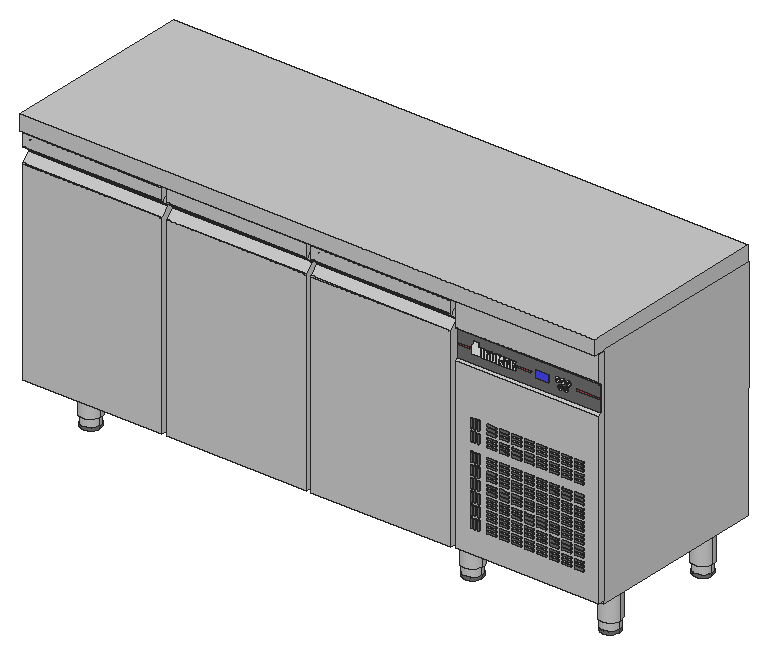
Revit family "QF_INOMAK_PMRP999_250528101708", category Specialty Equipment, Revit 2021 (continued)
Definition of nested family "QF_INOMAK_REF_COUNTERS_1790_2920"
  Definition of nested family "QF_INOMAK_CONRTOL-PANEL"
    Forms (mm)
      Extrusion 1, solid
        sketch origin (-2240, -700, 0) x (-1, 0, 0) y (0, 0, 1)
          loop
            arc (-1957.4, 221.855) -> (-1960.4, 218.855) -> (-1957.4, 215.855) r 3
            line (-1957.4, 215.855) -> (-1933.4, 215.855)
            arc (-1933.4, 215.855) -> (-1930.4, 218.855) -> (-1933.4, 221.855) r 3
            line (-1933.4, 221.855) -> (-1957.4, 221.855)
          loop
            arc (-1918.4, 221.855) -> (-1921.4, 218.855) -> (-1918.4, 215.855) r 3
            line (-1918.4, 215.855) -> (-1894.4, 215.855)
            arc (-1894.4, 215.855) -> (-1891.4, 218.855) -> (-1894.4, 221.855) r 3
            line (-1894.4, 221.855) -> (-1918.4, 221.855)
          loop
            arc (-2191.4, 210.855) -> (-2194.4, 207.855) -> (-2191.4, 204.855) r 3
            line (-2191.4, 204.855) -> (-2167.4, 204.855)
            arc (-2167.4, 204.855) -> (-2164.4, 207.855) -> (-2167.4, 210.855) r 3
            line (-2167.4, 210.855) -> (-2191.4, 210.855)
          loop
            arc (-2152.4, 210.855) -> (-2155.4, 207.855) -> (-2152.4, 204.855) r 3
            line (-2152.4, 204.855) -> (-2128.4, 204.855)
            arc (-2128.4, 204.855) -> (-2125.4, 207.855) -> (-2128.4, 210.855) r 3
            line (-2128.4, 210.855) -> (-2152.4, 210.855)
          loop
            arc (-2113.4, 210.855) -> (-2116.4, 207.855) -> (-2113.4, 204.855) r 3
            line (-2113.4, 204.855) -> (-2089.4, 204.855)
            arc (-2089.4, 204.855) -> (-2086.4, 207.855) -> (-2089.4, 210.855) r 3
            line (-2089.4, 210.855) -> (-2113.4, 210.855)
          loop
            arc (-2074.4, 210.855) -> (-2077.4, 207.855) -> (-2074.4, 204.855) r 3
            line (-2074.4, 204.855) -> (-2050.4, 204.855)
            arc (-2050.4, 204.855) -> (-2047.4, 207.855) -> (-2050.4, 210.855) r 3
            line (-2050.4, 210.855) -> (-2074.4, 210.855)
          loop
            arc (-2035.4, 210.855) -> (-2038.4, 207.855) -> (-2035.4, 204.855) r 3
            line (-2035.4, 204.855) -> (-2011.4, 204.855)
            arc (-2011.4, 204.855) -> (-2008.4, 207.855) -> (-2011.4, 210.855) r 3
            line (-2011.4, 210.855) -> (-2035.4, 210.855)
          loop
            arc (-1996.4, 210.855) -> (-1999.4, 207.855) -> (-1996.4, 204.855) r 3
            line (-1996.4, 204.855) -> (-1972.4, 204.855)
            arc (-1972.4, 204.855) -> (-1969.4, 207.855) -> (-1972.4, 210.855) r 3
            line (-1972.4, 210.855) -> (-1996.4, 210.855)
          loop
            arc (-1957.4, 210.855) -> (-1960.4, 207.855) -> (-1957.4, 204.855) r 3
            line (-1957.4, 204.855) -> (-1933.4, 204.855)
            arc (-1933.4, 204.855) -> (-1930.4, 207.855) -> (-1933.4, 210.855) r 3
            line (-1933.4, 210.855) -> (-1957.4, 210.855)
          loop
            arc (-1918.4, 210.855) -> (-1921.4, 207.855) -> (-1918.4, 204.855) r 3
            line (-1918.4, 204.855) -> (-1894.4, 204.855)
            arc (-1894.4, 204.855) -> (-1891.4, 207.855) -> (-1894.4, 210.855) r 3
            line (-1894.4, 210.855) -> (-1918.4, 210.855)
          loop
            arc (-2191.4, 199.855) -> (-2194.4, 196.855) -> (-2191.4, 193.855) r 3
            line (-2191.4, 193.855) -> (-2167.4, 193.855)
            arc (-2167.4, 193.855) -> (-2164.4, 196.855) -> (-2167.4, 199.855) r 3
            line (-2167.4, 199.855) -> (-2191.4, 199.855)
          loop
            arc (-2152.4, 199.855) -> (-2155.4, 196.855) -> (-2152.4, 193.855) r 3
            line (-2152.4, 193.855) -> (-2128.4, 193.855)
            arc (-2128.4, 193.855) -> (-2125.4, 196.855) -> (-2128.4, 199.855) r 3
            line (-2128.4, 199.855) -> (-2152.4, 199.855)
          loop
            arc (-2113.4, 199.855) -> (-2116.4, 196.855) -> (-2113.4, 193.855) r 3
            line (-2113.4, 193.855) -> (-2089.4, 193.855)
            arc (-2089.4, 193.855) -> (-2086.4, 196.855) -> (-2089.4, 199.855) r 3
            line (-2089.4, 199.855) -> (-2113.4, 199.855)
          loop
            arc (-2074.4, 199.855) -> (-2077.4, 196.855) -> (-2074.4, 193.855) r 3
            line (-2074.4, 193.855) -> (-2050.4, 193.855)
            arc (-2050.4, 193.855) -> (-2047.4, 196.855) -> (-2050.4, 199.855) r 3
            line (-2050.4, 199.855) -> (-2074.4, 199.855)
          loop
            arc (-2035.4, 199.855) -> (-2038.4, 196.855) -> (-2035.4, 193.855) r 3
            line (-2035.4, 193.855) -> (-2011.4, 193.855)
            arc (-2011.4, 193.855) -> (-2008.4, 196.855) -> (-2011.4, 199.855) r 3
            line (-2011.4, 199.855) -> (-2035.4, 199.855)
          loop
            arc (-1996.4, 199.855) -> (-1999.4, 196.855) -> (-1996.4, 193.855) r 3
            line (-1996.4, 193.855) -> (-1972.4, 193.855)
            arc (-1972.4, 193.855) -> (-1969.4, 196.855) -> (-1972.4, 199.855) r 3
            line (-1972.4, 199.855) -> (-1996.4, 199.855)
          loop
            arc (-1957.4, 199.855) -> (-1960.4, 196.855) -> (-1957.4, 193.855) r 3
            line (-1957.4, 193.855) -> (-1933.4, 193.855)
            arc (-1933.4, 193.855) -> (-1930.4, 196.855) -> (-1933.4, 199.855) r 3
            line (-1933.4, 199.855) -> (-1957.4, 199.855)
          loop
            arc (-1918.4, 199.855) -> (-1921.4, 196.855) -> (-1918.4, 193.855) r 3
            line (-1918.4, 193.855) -> (-1894.4, 193.855)
            arc (-1894.4, 193.855) -> (-1891.4, 196.855) -> (-1894.4, 199.855) r 3
            line (-1894.4, 199.855) -> (-1918.4, 199.855)
          loop
            arc (-2191.4, 184.855) -> (-2194.4, 181.855) -> (-2191.4, 178.855) r 3
            line (-2191.4, 178.855) -> (-2167.4, 178.855)
            arc (-2167.4, 178.855) -> (-2164.4, 181.855) -> (-2167.4, 184.855) r 3
            line (-2167.4, 184.855) -> (-2191.4, 184.855)
          loop
            arc (-2152.4, 184.855) -> (-2155.4, 181.855) -> (-2152.4, 178.855) r 3
            line (-2152.4, 178.855) -> (-2128.4, 178.855)
            arc (-2128.4, 178.855) -> (-2125.4, 181.855) -> (-2128.4, 184.855) r 3
            line (-2128.4, 184.855) -> (-2152.4, 184.855)
          loop
            arc (-2113.4, 184.855) -> (-2116.4, 181.855) -> (-2113.4, 178.855) r 3
            line (-2113.4, 178.855) -> (-2089.4, 178.855)
            arc (-2089.4, 178.855) -> (-2086.4, 181.855) -> (-2089.4, 184.855) r 3
            line (-2089.4, 184.855) -> (-2113.4, 184.855)
          loop
            arc (-2074.4, 184.855) -> (-2077.4, 181.855) -> (-2074.4, 178.855) r 3
            line (-2074.4, 178.855) -> (-2050.4, 178.855)
            arc (-2050.4, 178.855) -> (-2047.4, 181.855) -> (-2050.4, 184.855) r 3
            line (-2050.4, 184.855) -> (-2074.4, 184.855)
          loop
            arc (-2035.4, 184.855) -> (-2038.4, 181.855) -> (-2035.4, 178.855) r 3
            line (-2035.4, 178.855) -> (-2011.4, 178.855)
            arc (-2011.4, 178.855) -> (-2008.4, 181.855) -> (-2011.4, 184.855) r 3
            line (-2011.4, 184.855) -> (-2035.4, 184.855)
          loop
            arc (-1996.4, 184.855) -> (-1999.4, 181.855) -> (-1996.4, 178.855) r 3
            line (-1996.4, 178.855) -> (-1972.4, 178.855)
            arc (-1972.4, 178.855) -> (-1969.4, 181.855) -> (-1972.4, 184.855) r 3
            line (-1972.4, 184.855) -> (-1996.4, 184.855)
          loop
            arc (-1957.4, 184.855) -> (-1960.4, 181.855) -> (-1957.4, 178.855) r 3
            line (-1957.4, 178.855) -> (-1933.4, 178.855)
            arc (-1933.4, 178.855) -> (-1930.4, 181.855) -> (-1933.4, 184.855) r 3
            line (-1933.4, 184.855) -> (-1957.4, 184.855)
          loop
            arc (-1918.4, 184.855) -> (-1921.4, 181.855) -> (-1918.4, 178.855) r 3
            line (-1918.4, 178.855) -> (-1894.4, 178.855)
            arc (-1894.4, 178.855) -> (-1891.4, 181.855) -> (-1894.4, 184.855) r 3
            line (-1894.4, 184.855) -> (-1918.4, 184.855)
          loop
            arc (-2191.4, 173.855) -> (-2194.4, 170.855) -> (-2191.4, 167.855) r 3
            line (-2191.4, 167.855) -> (-2167.4, 167.855)
            arc (-2167.4, 167.855) -> (-2164.4, 170.855) -> (-2167.4, 173.855) r 3
            line (-2167.4, 173.855) -> (-2191.4, 173.855)
          loop
            arc (-2152.4, 173.855) -> (-2155.4, 170.855) -> (-2152.4, 167.855) r 3
            line (-2152.4, 167.855) -> (-2128.4, 167.855)
            arc (-2128.4, 167.855) -> (-2125.4, 170.855) -> (-2128.4, 173.855) r 3
            line (-2128.4, 173.855) -> (-2152.4, 173.855)
          loop
            arc (-2113.4, 173.855) -> (-2116.4, 170.855) -> (-2113.4, 167.855) r 3
            line (-2113.4, 167.855) -> (-2089.4, 167.855)
            arc (-2089.4, 167.855) -> (-2086.4, 170.855) -> (-2089.4, 173.855) r 3
            line (-2089.4, 173.855) -> (-2113.4, 173.855)
          loop
            arc (-2074.4, 173.855) -> (-2077.4, 170.855) -> (-2074.4, 167.855) r 3
            line (-2074.4, 167.855) -> (-2050.4, 167.855)
            arc (-2050.4, 167.855) -> (-2047.4, 170.855) -> (-2050.4, 173.855) r 3
            line (-2050.4, 173.855) -> (-2074.4, 173.855)
          loop
            arc (-2035.4, 173.855) -> (-2038.4, 170.855) -> (-2035.4, 167.855) r 3
            line (-2035.4, 167.855) -> (-2011.4, 167.855)
            arc (-2011.4, 167.855) -> (-2008.4, 170.855) -> (-2011.4, 173.855) r 3
            line (-2011.4, 173.855) -> (-2035.4, 173.855)
          loop
            arc (-1996.4, 173.855) -> (-1999.4, 170.855) -> (-1996.4, 167.855) r 3
            line (-1996.4, 167.855) -> (-1972.4, 167.855)
            arc (-1972.4, 167.855) -> (-1969.4, 170.855) -> (-1972.4, 173.855) r 3
            line (-1972.4, 173.855) -> (-1996.4, 173.855)
          loop
            arc (-1957.4, 173.855) -> (-1960.4, 170.855) -> (-1957.4, 167.855) r 3
            line (-1957.4, 167.855) -> (-1933.4, 167.855)
            arc (-1933.4, 167.855) -> (-1930.4, 170.855) -> (-1933.4, 173.855) r 3
            line (-1933.4, 173.855) -> (-1957.4, 173.855)
          loop
            arc (-1918.4, 173.855) -> (-1921.4, 170.855) -> (-1918.4, 167.855) r 3
            line (-1918.4, 167.855) -> (-1894.4, 167.855)
            arc (-1894.4, 167.855) -> (-1891.4, 170.855) -> (-1894.4, 173.855) r 3
            line (-1894.4, 173.855) -> (-1918.4, 173.855)
          loop
            arc (-2191.4, 162.855) -> (-2194.4, 159.855) -> (-2191.4, 156.855) r 3
            line (-2191.4, 156.855) -> (-2167.4, 156.855)
            arc (-2167.4, 156.855) -> (-2164.4, 159.855) -> (-2167.4, 162.855) r 3
            line (-2167.4, 162.855) -> (-2191.4, 162.855)
          loop
            arc (-2152.4, 162.855) -> (-2155.4, 159.855) -> (-2152.4, 156.855) r 3
            line (-2152.4, 156.855) -> (-2128.4, 156.855)
            arc (-2128.4, 156.855) -> (-2125.4, 159.855) -> (-2128.4, 162.855) r 3
            line (-2128.4, 162.855) -> (-2152.4, 162.855)
          loop
            arc (-2113.4, 162.855) -> (-2116.4, 159.855) -> (-2113.4, 156.855) r 3
            line (-2113.4, 156.855) -> (-2089.4, 156.855)
            arc (-2089.4, 156.855) -> (-2086.4, 159.855) -> (-2089.4, 162.855) r 3
            line (-2089.4, 162.855) -> (-2113.4, 162.855)
          loop
            arc (-2074.4, 162.855) -> (-2077.4, 159.855) -> (-2074.4, 156.855) r 3
            line (-2074.4, 156.855) -> (-2050.4, 156.855)
            arc (-2050.4, 156.855) -> (-2047.4, 159.855) -> (-2050.4, 162.855) r 3
            line (-2050.4, 162.855) -> (-2074.4, 162.855)
          loop
            arc (-2035.4, 162.855) -> (-2038.4, 159.855) -> (-2035.4, 156.855) r 3
            line (-2035.4, 156.855) -> (-2011.4, 156.855)
            arc (-2011.4, 156.855) -> (-2008.4, 159.855) -> (-2011.4, 162.855) r 3
            line (-2011.4, 162.855) -> (-2035.4, 162.855)
          loop
            arc (-1996.4, 162.855) -> (-1999.4, 159.855) -> (-1996.4, 156.855) r 3
            line (-1996.4, 156.855) -> (-1972.4, 156.855)
            arc (-1972.4, 156.855) -> (-1969.4, 159.855) -> (-1972.4, 162.855) r 3
            line (-1972.4, 162.855) -> (-1996.4, 162.855)
          loop
            arc (-1957.4, 162.855) -> (-1960.4, 159.855) -> (-1957.4, 156.855) r 3
            line (-1957.4, 156.855) -> (-1933.4, 156.855)
            arc (-1933.4, 156.855) -> (-1930.4, 159.855) -> (-1933.4, 162.855) r 3
            line (-1933.4, 162.855) -> (-1957.4, 162.855)
          loop
            arc (-1918.4, 162.855) -> (-1921.4, 159.855) -> (-1918.4, 156.855) r 3
            line (-1918.4, 156.855) -> (-1894.4, 156.855)
            arc (-1894.4, 156.855) -> (-1891.4, 159.855) -> (-1894.4, 162.855) r 3
            line (-1894.4, 162.855) -> (-1918.4, 162.855)
          loop
            arc (-2191.4, 147.855) -> (-2194.4, 144.855) -> (-2191.4, 141.855) r 3
            line (-2191.4, 141.855) -> (-2167.4, 141.855)
            arc (-2167.4, 141.855) -> (-2164.4, 144.855) -> (-2167.4, 147.855) r 3
            line (-2167.4, 147.855) -> (-2191.4, 147.855)
          loop
            arc (-2152.4, 147.855) -> (-2155.4, 144.855) -> (-2152.4, 141.855) r 3
            line (-2152.4, 141.855) -> (-2128.4, 141.855)
            arc (-2128.4, 141.855) -> (-2125.4, 144.855) -> (-2128.4, 147.855) r 3
            line (-2128.4, 147.855) -> (-2152.4, 147.855)
          loop
            arc (-2113.4, 147.855) -> (-2116.4, 144.855) -> (-2113.4, 141.855) r 3
            line (-2113.4, 141.855) -> (-2089.4, 141.855)
            arc (-2089.4, 141.855) -> (-2086.4, 144.855) -> (-2089.4, 147.855) r 3
            line (-2089.4, 147.855) -> (-2113.4, 147.855)
          loop
            arc (-2074.4, 147.855) -> (-2077.4, 144.855) -> (-2074.4, 141.855) r 3
            line (-2074.4, 141.855) -> (-2050.4, 141.855)
            arc (-2050.4, 141.855) -> (-2047.4, 144.855) -> (-2050.4, 147.855) r 3
            line (-2050.4, 147.855) -> (-2074.4, 147.855)
          loop
            arc (-2035.4, 147.855) -> (-2038.4, 144.855) -> (-2035.4, 141.855) r 3
            line (-2035.4, 141.855) -> (-2011.4, 141.855)
            arc (-2011.4, 141.855) -> (-2008.4, 144.855) -> (-2011.4, 147.855) r 3
            line (-2011.4, 147.855) -> (-2035.4, 147.855)
          loop
            arc (-1996.4, 147.855) -> (-1999.4, 144.855) -> (-1996.4, 141.855) r 3
            line (-1996.4, 141.855) -> (-1972.4, 141.855)
            arc (-1972.4, 141.855) -> (-1969.4, 144.855) -> (-1972.4, 147.855) r 3
            line (-1972.4, 147.855) -> (-1996.4, 147.855)
          loop
            arc (-1957.4, 147.855) -> (-1960.4, 144.855) -> (-1957.4, 141.855) r 3
            line (-1957.4, 141.855) -> (-1933.4, 141.855)
            arc (-1933.4, 141.855) -> (-1930.4, 144.855) -> (-1933.4, 147.855) r 3
            line (-1933.4, 147.855) -> (-1957.4, 147.855)
          loop
            arc (-1918.4, 147.855) -> (-1921.4, 144.855) -> (-1918.4, 141.855) r 3
            line (-1918.4, 141.855) -> (-1894.4, 141.855)
            arc (-1894.4, 141.855) -> (-1891.4, 144.855) -> (-1894.4, 147.855) r 3
            line (-1894.4, 147.855) -> (-1918.4, 147.855)
          loop
            arc (-2191.4, 136.855) -> (-2194.4, 133.855) -> (-2191.4, 130.855) r 3
            line (-2191.4, 130.855) -> (-2167.4, 130.855)
            arc (-2167.4, 130.855) -> (-2164.4, 133.855) -> (-2167.4, 136.855) r 3
            line (-2167.4, 136.855) -> (-2191.4, 136.855)
          loop
            arc (-2152.4, 136.855) -> (-2155.4, 133.855) -> (-2152.4, 130.855) r 3
            line (-2152.4, 130.855) -> (-2128.4, 130.855)
            arc (-2128.4, 130.855) -> (-2125.4, 133.855) -> (-2128.4, 136.855) r 3
            line (-2128.4, 136.855) -> (-2152.4, 136.855)
          loop
            arc (-2113.4, 136.855) -> (-2116.4, 133.855) -> (-2113.4, 130.855) r 3
            line (-2113.4, 130.855) -> (-2089.4, 130.855)
            arc (-2089.4, 130.855) -> (-2086.4, 133.855) -> (-2089.4, 136.855) r 3
            line (-2089.4, 136.855) -> (-2113.4, 136.855)
          loop
            arc (-2074.4, 136.855) -> (-2077.4, 133.855) -> (-2074.4, 130.855) r 3
            line (-2074.4, 130.855) -> (-2050.4, 130.855)
            arc (-2050.4, 130.855) -> (-2047.4, 133.855) -> (-2050.4, 136.855) r 3
            line (-2050.4, 136.855) -> (-2074.4, 136.855)
          loop
            arc (-2035.4, 136.855) -> (-2038.4, 133.855) -> (-2035.4, 130.855) r 3
            line (-2035.4, 130.855) -> (-2011.4, 130.855)
            arc (-2011.4, 130.855) -> (-2008.4, 133.855) -> (-2011.4, 136.855) r 3
            line (-2011.4, 136.855) -> (-2035.4, 136.855)
          loop
            arc (-1996.4, 136.855) -> (-1999.4, 133.855) -> (-1996.4, 130.855) r 3
            line (-1996.4, 130.855) -> (-1972.4, 130.855)
            arc (-1972.4, 130.855) -> (-1969.4, 133.855) -> (-1972.4, 136.855) r 3
            line (-1972.4, 136.855) -> (-1996.4, 136.855)
          loop
            arc (-1957.4, 136.855) -> (-1960.4, 133.855) -> (-1957.4, 130.855) r 3
            line (-1957.4, 130.855) -> (-1933.4, 130.855)
            arc (-1933.4, 130.855) -> (-1930.4, 133.855) -> (-1933.4, 136.855) r 3
            line (-1933.4, 136.855) -> (-1957.4, 136.855)
          loop
            arc (-1918.4, 136.855) -> (-1921.4, 133.855) -> (-1918.4, 130.855) r 3
            line (-1918.4, 130.855) -> (-1894.4, 130.855)
            arc (-1894.4, 130.855) -> (-1891.4, 133.855) -> (-1894.4, 136.855) r 3
            line (-1894.4, 136.855) -> (-1918.4, 136.855)
          loop
            arc (-2191.4, 125.855) -> (-2194.4, 122.855) -> (-2191.4, 119.855) r 3
            line (-2191.4, 119.855) -> (-2167.4, 119.855)
            arc (-2167.4, 119.855) -> (-2164.4, 122.855) -> (-2167.4, 125.855) r 3
            line (-2167.4, 125.855) -> (-2191.4, 125.855)
          loop
            arc (-2152.4, 125.855) -> (-2155.4, 122.855) -> (-2152.4, 119.855) r 3
            line (-2152.4, 119.855) -> (-2128.4, 119.855)
            arc (-2128.4, 119.855) -> (-2125.4, 122.855) -> (-2128.4, 125.855) r 3
            line (-2128.4, 125.855) -> (-2152.4, 125.855)
          loop
            arc (-2113.4, 125.855) -> (-2116.4, 122.855) -> (-2113.4, 119.855) r 3
            line (-2113.4, 119.855) -> (-2089.4, 119.855)
            arc (-2089.4, 119.855) -> (-2086.4, 122.855) -> (-2089.4, 125.855) r 3
            line (-2089.4, 125.855) -> (-2113.4, 125.855)
          loop
            arc (-2074.4, 125.855) -> (-2077.4, 122.855) -> (-2074.4, 119.855) r 3
            line (-2074.4, 119.855) -> (-2050.4, 119.855)
            arc (-2050.4, 119.855) -> (-2047.4, 122.855) -> (-2050.4, 125.855) r 3
            line (-2050.4, 125.855) -> (-2074.4, 125.855)
          loop
            arc (-2035.4, 125.855) -> (-2038.4, 122.855) -> (-2035.4, 119.855) r 3
            line (-2035.4, 119.855) -> (-2011.4, 119.855)
            arc (-2011.4, 119.855) -> (-2008.4, 122.855) -> (-2011.4, 125.855) r 3
            line (-2011.4, 125.855) -> (-2035.4, 125.855)
          loop
            arc (-1996.4, 125.855) -> (-1999.4, 122.855) -> (-1996.4, 119.855) r 3
            line (-1996.4, 119.855) -> (-1972.4, 119.855)
            arc (-1972.4, 119.855) -> (-1969.4, 122.855) -> (-1972.4, 125.855) r 3
            line (-1972.4, 125.855) -> (-1996.4, 125.855)
          loop
            arc (-1957.4, 125.855) -> (-1960.4, 122.855) -> (-1957.4, 119.855) r 3
            line (-1957.4, 119.855) -> (-1933.4, 119.855)
            arc (-1933.4, 119.855) -> (-1930.4, 122.855) -> (-1933.4, 125.855) r 3
            line (-1933.4, 125.855) -> (-1957.4, 125.855)
          loop
            arc (-1918.4, 125.855) -> (-1921.4, 122.855) -> (-1918.4, 119.855) r 3
            line (-1918.4, 119.855) -> (-1894.4, 119.855)
            arc (-1894.4, 119.855) -> (-1891.4, 122.855) -> (-1894.4, 125.855) r 3
            line (-1894.4, 125.855) -> (-1918.4, 125.855)
          loop
            arc (-2191.4, 110.855) -> (-2194.4, 107.855) -> (-2191.4, 104.855) r 3
            line (-2191.4, 104.855) -> (-2167.4, 104.855)
            arc (-2167.4, 104.855) -> (-2164.4, 107.855) -> (-2167.4, 110.855) r 3
            line (-2167.4, 110.855) -> (-2191.4, 110.855)
          loop
            arc (-2152.4, 110.855) -> (-2155.4, 107.855) -> (-2152.4, 104.855) r 3
            line (-2152.4, 104.855) -> (-2128.4, 104.855)
            arc (-2128.4, 104.855) -> (-2125.4, 107.855) -> (-2128.4, 110.855) r 3
            line (-2128.4, 110.855) -> (-2152.4, 110.855)
          loop
            arc (-2113.4, 110.855) -> (-2116.4, 107.855) -> (-2113.4, 104.855) r 3
            line (-2113.4, 104.855) -> (-2089.4, 104.855)
            arc (-2089.4, 104.855) -> (-2086.4, 107.855) -> (-2089.4, 110.855) r 3
            line (-2089.4, 110.855) -> (-2113.4, 110.855)
          loop
            arc (-2074.4, 110.855) -> (-2077.4, 107.855) -> (-2074.4, 104.855) r 3
            line (-2074.4, 104.855) -> (-2050.4, 104.855)
            arc (-2050.4, 104.855) -> (-2047.4, 107.855) -> (-2050.4, 110.855) r 3
            line (-2050.4, 110.855) -> (-2074.4, 110.855)
          loop
            arc (-2035.4, 110.855) -> (-2038.4, 107.855) -> (-2035.4, 104.855) r 3
            line (-2035.4, 104.855) -> (-2011.4, 104.855)
            arc (-2011.4, 104.855) -> (-2008.4, 107.855) -> (-2011.4, 110.855) r 3
            line (-2011.4, 110.855) -> (-2035.4, 110.855)
          loop
            arc (-1996.4, 110.855) -> (-1999.4, 107.855) -> (-1996.4, 104.855) r 3
            line (-1996.4, 104.855) -> (-1972.4, 104.855)
            arc (-1972.4, 104.855) -> (-1969.4, 107.855) -> (-1972.4, 110.855) r 3
            line (-1972.4, 110.855) -> (-1996.4, 110.855)
          loop
            arc (-1957.4, 110.855) -> (-1960.4, 107.855) -> (-1957.4, 104.855) r 3
            line (-1957.4, 104.855) -> (-1933.4, 104.855)
            arc (-1933.4, 104.855) -> (-1930.4, 107.855) -> (-1933.4, 110.855) r 3
            line (-1933.4, 110.855) -> (-1957.4, 110.855)
          loop
            arc (-1918.4, 110.855) -> (-1921.4, 107.855) -> (-1918.4, 104.855) r 3
            line (-1918.4, 104.855) -> (-1894.4, 104.855)
            arc (-1894.4, 104.855) -> (-1891.4, 107.855) -> (-1894.4, 110.855) r 3
            line (-1894.4, 110.855) -> (-1918.4, 110.855)
          loop
            arc (-2191.4, 99.855) -> (-2194.4, 96.855) -> (-2191.4, 93.855) r 3
            line (-2191.4, 93.855) -> (-2167.4, 93.855)
            arc (-2167.4, 93.855) -> (-2164.4, 96.855) -> (-2167.4, 99.855) r 3
            line (-2167.4, 99.855) -> (-2191.4, 99.855)
          loop
            arc (-2152.4, 99.855) -> (-2155.4, 96.855) -> (-2152.4, 93.855) r 3
            line (-2152.4, 93.855) -> (-2128.4, 93.855)
            arc (-2128.4, 93.855) -> (-2125.4, 96.855) -> (-2128.4, 99.855) r 3
            line (-2128.4, 99.855) -> (-2152.4, 99.855)
          loop
            arc (-2113.4, 99.855) -> (-2116.4, 96.855) -> (-2113.4, 93.855) r 3
            line (-2113.4, 93.855) -> (-2089.4, 93.855)
            arc (-2089.4, 93.855) -> (-2086.4, 96.855) -> (-2089.4, 99.855) r 3
            line (-2089.4, 99.855) -> (-2113.4, 99.855)
          loop
            arc (-2074.4, 99.855) -> (-2077.4, 96.855) -> (-2074.4, 93.855) r 3
            line (-2074.4, 93.855) -> (-2050.4, 93.855)
            arc (-2050.4, 93.855) -> (-2047.4, 96.855) -> (-2050.4, 99.855) r 3
            line (-2050.4, 99.855) -> (-2074.4, 99.855)
          loop
            arc (-2035.4, 99.855) -> (-2038.4, 96.855) -> (-2035.4, 93.855) r 3
            line (-2035.4, 93.855) -> (-2011.4, 93.855)
            arc (-2011.4, 93.855) -> (-2008.4, 96.855) -> (-2011.4, 99.855) r 3
            line (-2011.4, 99.855) -> (-2035.4, 99.855)
          loop
            arc (-1996.4, 99.855) -> (-1999.4, 96.855) -> (-1996.4, 93.855) r 3
            line (-1996.4, 93.855) -> (-1972.4, 93.855)
            arc (-1972.4, 93.855) -> (-1969.4, 96.855) -> (-1972.4, 99.855) r 3
            line (-1972.4, 99.855) -> (-1996.4, 99.855)
          loop
            arc (-1957.4, 99.855) -> (-1960.4, 96.855) -> (-1957.4, 93.855) r 3
            line (-1957.4, 93.855) -> (-1933.4, 93.855)
            arc (-1933.4, 93.855) -> (-1930.4, 96.855) -> (-1933.4, 99.855) r 3
            line (-1933.4, 99.855) -> (-1957.4, 99.855)
          loop
            arc (-1918.4, 99.855) -> (-1921.4, 96.855) -> (-1918.4, 93.855) r 3
            line (-1918.4, 93.855) -> (-1894.4, 93.855)
            arc (-1894.4, 93.855) -> (-1891.4, 96.855) -> (-1894.4, 99.855) r 3
            line (-1894.4, 99.855) -> (-1918.4, 99.855)
          loop
            arc (-2191.4, 88.855) -> (-2194.4, 85.855) -> (-2191.4, 82.855) r 3
            line (-2191.4, 82.855) -> (-2167.4, 82.855)
            arc (-2167.4, 82.855) -> (-2164.4, 85.855) -> (-2167.4, 88.855) r 3
            line (-2167.4, 88.855) -> (-2191.4, 88.855)
          loop
            arc (-2152.4, 88.855) -> (-2155.4, 85.855) -> (-2152.4, 82.855) r 3
            line (-2152.4, 82.855) -> (-2128.4, 82.855)
            arc (-2128.4, 82.855) -> (-2125.4, 85.855) -> (-2128.4, 88.855) r 3
            line (-2128.4, 88.855) -> (-2152.4, 88.855)
          loop
            arc (-2113.4, 88.855) -> (-2116.4, 85.855) -> (-2113.4, 82.855) r 3
            line (-2113.4, 82.855) -> (-2089.4, 82.855)
            arc (-2089.4, 82.855) -> (-2086.4, 85.855) -> (-2089.4, 88.855) r 3
            line (-2089.4, 88.855) -> (-2113.4, 88.855)
          loop
            arc (-2074.4, 88.855) -> (-2077.4, 85.855) -> (-2074.4, 82.855) r 3
            line (-2074.4, 82.855) -> (-2050.4, 82.855)
            arc (-2050.4, 82.855) -> (-2047.4, 85.855) -> (-2050.4, 88.855) r 3
            line (-2050.4, 88.855) -> (-2074.4, 88.855)
          loop
            arc (-2035.4, 88.855) -> (-2038.4, 85.855) -> (-2035.4, 82.855) r 3
            line (-2035.4, 82.855) -> (-2011.4, 82.855)
            arc (-2011.4, 82.855) -> (-2008.4, 85.855) -> (-2011.4, 88.855) r 3
            line (-2011.4, 88.855) -> (-2035.4, 88.855)
          loop
            arc (-1996.4, 88.855) -> (-1999.4, 85.855) -> (-1996.4, 82.855) r 3
            line (-1996.4, 82.855) -> (-1972.4, 82.855)
            arc (-1972.4, 82.855) -> (-1969.4, 85.855) -> (-1972.4, 88.855) r 3
            line (-1972.4, 88.855) -> (-1996.4, 88.855)
          loop
            arc (-1957.4, 88.855) -> (-1960.4, 85.855) -> (-1957.4, 82.855) r 3
            line (-1957.4, 82.855) -> (-1933.4, 82.855)
            arc (-1933.4, 82.855) -> (-1930.4, 85.855) -> (-1933.4, 88.855) r 3
            line (-1933.4, 88.855) -> (-1957.4, 88.855)
          loop
            arc (-1918.4, 88.855) -> (-1921.4, 85.855) -> (-1918.4, 82.855) r 3
            line (-1918.4, 82.855) -> (-1894.4, 82.855)
            arc (-1894.4, 82.855) -> (-1891.4, 85.855) -> (-1894.4, 88.855) r 3
            line (-1894.4, 88.855) -> (-1918.4, 88.855)
          loop
            arc (-1840.4, 387.855) -> (-1843.4, 390.855) -> (-1846.4, 387.855) r 3
            line (-1846.4, 387.855) -> (-1846.4, 363.855)
            arc (-1846.4, 363.855) -> (-1843.4, 360.855) -> (-1840.4, 363.855) r 3
            line (-1840.4, 363.855) -> (-1840.4, 387.855)
          loop
            arc (-1851.4, 387.855) -> (-1854.4, 390.855) -> (-1857.4, 387.855) r 3
            line (-1857.4, 387.855) -> (-1857.4, 363.855)
            arc (-1857.4, 363.855) -> (-1854.4, 360.855) -> (-1851.4, 363.855) r 3
            line (-1851.4, 363.855) -> (-1851.4, 387.855)
          loop
            arc (-1862.4, 387.855) -> (-1865.4, 390.855) -> (-1868.4, 387.855) r 3
            line (-1868.4, 387.855) -> (-1868.4, 363.855)
            arc (-1868.4, 363.855) -> (-1865.4, 360.855) -> (-1862.4, 363.855) r 3
            line (-1862.4, 363.855) -> (-1862.4, 387.855)
          loop
            arc (-1840.4, 350.855) -> (-1843.4, 353.855) -> (-1846.4, 350.855) r 3
            line (-1846.4, 350.855) -> (-1846.4, 326.855)
            arc (-1846.4, 326.855) -> (-1843.4, 323.855) -> (-1840.4, 326.855) r 3
            line (-1840.4, 326.855) -> (-1840.4, 350.855)
          loop
            arc (-1851.4, 350.855) -> (-1854.4, 353.855) -> (-1857.4, 350.855) r 3
            line (-1857.4, 350.855) -> (-1857.4, 326.855)
            arc (-1857.4, 326.855) -> (-1854.4, 323.855) -> (-1851.4, 326.855) r 3
            line (-1851.4, 326.855) -> (-1851.4, 350.855)
          loop
            arc (-1862.4, 350.855) -> (-1865.4, 353.855) -> (-1868.4, 350.855) r 3
            line (-1868.4, 350.855) -> (-1868.4, 326.855)
            arc (-1868.4, 326.855) -> (-1865.4, 323.855) -> (-1862.4, 326.855) r 3
            line (-1862.4, 326.855) -> (-1862.4, 350.855)
          loop
            arc (-1840.4, 293.855) -> (-1843.4, 296.855) -> (-1846.4, 293.855) r 3
            line (-1846.4, 293.855) -> (-1846.4, 269.855)
            arc (-1846.4, 269.855) -> (-1843.4, 266.855) -> (-1840.4, 269.855) r 3
            line (-1840.4, 269.855) -> (-1840.4, 293.855)
          loop
            arc (-1851.4, 293.855) -> (-1854.4, 296.855) -> (-1857.4, 293.855) r 3
            line (-1857.4, 293.855) -> (-1857.4, 269.855)
            arc (-1857.4, 269.855) -> (-1854.4, 266.855) -> (-1851.4, 269.855) r 3
            line (-1851.4, 269.855) -> (-1851.4, 293.855)
          loop
            arc (-1862.4, 293.855) -> (-1865.4, 296.855) -> (-1868.4, 293.855) r 3
            line (-1868.4, 293.855) -> (-1868.4, 269.855)
            arc (-1868.4, 269.855) -> (-1865.4, 266.855) -> (-1862.4, 269.855) r 3
            line (-1862.4, 269.855) -> (-1862.4, 293.855)
          loop
            arc (-1840.4, 256.855) -> (-1843.4, 259.855) -> (-1846.4, 256.855) r 3
            line (-1846.4, 256.855) -> (-1846.4, 232.855)
            arc (-1846.4, 232.855) -> (-1843.4, 229.855) -> (-1840.4, 232.855) r 3
            line (-1840.4, 232.855) -> (-1840.4, 256.855)
          loop
            arc (-1851.4, 256.855) -> (-1854.4, 259.855) -> (-1857.4, 256.855) r 3
            line (-1857.4, 256.855) -> (-1857.4, 232.855)
            arc (-1857.4, 232.855) -> (-1854.4, 229.855) -> (-1851.4, 232.855) r 3
            line (-1851.4, 232.855) -> (-1851.4, 256.855)
          loop
            arc (-1862.4, 256.855) -> (-1865.4, 259.855) -> (-1868.4, 256.855) r 3
            line (-1868.4, 256.855) -> (-1868.4, 232.855)
            arc (-1868.4, 232.855) -> (-1865.4, 229.855) -> (-1862.4, 232.855) r 3
            line (-1862.4, 232.855) -> (-1862.4, 256.855)
          loop
            arc (-1840.4, 219.855) -> (-1843.4, 222.855) -> (-1846.4, 219.855) r 3
            line (-1846.4, 219.855) -> (-1846.4, 195.855)
            arc (-1846.4, 195.855) -> (-1843.4, 192.855) -> (-1840.4, 195.855) r 3
            line (-1840.4, 195.855) -> (-1840.4, 219.855)
          loop
            arc (-1851.4, 219.855) -> (-1854.4, 222.855) -> (-1857.4, 219.855) r 3
            line (-1857.4, 219.855) -> (-1857.4, 195.855)
            arc (-1857.4, 195.855) -> (-1854.4, 192.855) -> (-1851.4, 195.855) r 3
            line (-1851.4, 195.855) -> (-1851.4, 219.855)
          loop
            arc (-1862.4, 219.855) -> (-1865.4, 222.855) -> (-1868.4, 219.855) r 3
            line (-1868.4, 219.855) -> (-1868.4, 195.855)
            arc (-1868.4, 195.855) -> (-1865.4, 192.855) -> (-1862.4, 195.855) r 3
            line (-1862.4, 195.855) -> (-1862.4, 219.855)
          loop
            arc (-1840.4, 182.855) -> (-1843.4, 185.855) -> (-1846.4, 182.855) r 3
            line (-1846.4, 182.855) -> (-1846.4, 158.855)
            arc (-1846.4, 158.855) -> (-1843.4, 155.855) -> (-1840.4, 158.855) r 3
            line (-1840.4, 158.855) -> (-1840.4, 182.855)
          loop
            arc (-1851.4, 182.855) -> (-1854.4, 185.855) -> (-1857.4, 182.855) r 3
            line (-1857.4, 182.855) -> (-1857.4, 158.855)
            arc (-1857.4, 158.855) -> (-1854.4, 155.855) -> (-1851.4, 158.855) r 3
            line (-1851.4, 158.855) -> (-1851.4, 182.855)
          loop
            arc (-1862.4, 182.855) -> (-1865.4, 185.855) -> (-1868.4, 182.855) r 3
            line (-1868.4, 182.855) -> (-1868.4, 158.855)
            arc (-1868.4, 158.855) -> (-1865.4, 155.855) -> (-1862.4, 158.855) r 3
            line (-1862.4, 158.855) -> (-1862.4, 182.855)
          loop
            arc (-1840.4, 145.855) -> (-1843.4, 148.855) -> (-1846.4, 145.855) r 3
            line (-1846.4, 145.855) -> (-1846.4, 121.855)
            arc (-1846.4, 121.855) -> (-1843.4, 118.855) -> (-1840.4, 121.855) r 3
            line (-1840.4, 121.855) -> (-1840.4, 145.855)
          loop
            arc (-1851.4, 145.855) -> (-1854.4, 148.855) -> (-1857.4, 145.855) r 3
            line (-1857.4, 145.855) -> (-1857.4, 121.855)
            arc (-1857.4, 121.855) -> (-1854.4, 118.855) -> (-1851.4, 121.855) r 3
            line (-1851.4, 121.855) -> (-1851.4, 145.855)
          loop
            arc (-1862.4, 145.855) -> (-1865.4, 148.855) -> (-1868.4, 145.855) r 3
            line (-1868.4, 145.855) -> (-1868.4, 121.855)
            arc (-1868.4, 121.855) -> (-1865.4, 118.855) -> (-1862.4, 121.855) r 3
            line (-1862.4, 121.855) -> (-1862.4, 145.855)
          loop
            arc (-1840.4, 108.855) -> (-1843.4, 111.855) -> (-1846.4, 108.855) r 3
            line (-1846.4, 108.855) -> (-1846.4, 84.855)
            arc (-1846.4, 84.855) -> (-1843.4, 81.855) -> (-1840.4, 84.855) r 3
            line (-1840.4, 84.855) -> (-1840.4, 108.855)
          loop
            arc (-1851.4, 108.855) -> (-1854.4, 111.855) -> (-1857.4, 108.855) r 3
            line (-1857.4, 108.855) -> (-1857.4, 84.855)
            arc (-1857.4, 84.855) -> (-1854.4, 81.855) -> (-1851.4, 84.855) r 3
            line (-1851.4, 84.855) -> (-1851.4, 108.855)
          loop
            arc (-1862.4, 108.855) -> (-1865.4, 111.855) -> (-1868.4, 108.855) r 3
            line (-1868.4, 108.855) -> (-1868.4, 84.855)
            arc (-1868.4, 84.855) -> (-1865.4, 81.855) -> (-1862.4, 84.855) r 3
            line (-1862.4, 84.855) -> (-1862.4, 108.855)
        from 16.5 to 19
    Dimensions and locks
      "Length": plane 3 "Left" to plane 4 "Right"
      "Depth": plane 5 "Front" to plane 1 "Back"
      "Front offset": plane 7 "Front offset" to plane 5 "Front"
      "Height": plane 6 "Top" to plane 2
      aligned and locked: level to plane 2
    Automatic sketch dimensions
      plane 4 "Right" to Extrusion 1 sketch curve = 48.6 mm  (x3)
      Extrusion 1 sketch curve to Extrusion 1 sketch curve = 0 mm  (x322)
      Extrusion 1 sketch curve to Extrusion 1 sketch curve = 24 mm  (x53)
      Extrusion 1 sketch curve to Extrusion 1 sketch curve = 15 mm  (x52)
      Extrusion 1 sketch curve to Extrusion 1 sketch curve = 26 mm  (x7)
      Extrusion 1 sketch curve to Extrusion 1 sketch curve = 3 mm  (x216)
      Extrusion 1 sketch curve to Extrusion 1 sketch curve = 5 mm  (x144)
      level to Extrusion 1 sketch curve = 82.855 mm  (x2)
      Extrusion 1 sketch curve to Extrusion 1 sketch curve = 2 mm
      Extrusion 1 sketch curve to Extrusion 1 sketch curve = 9 mm  (x48)
      Extrusion 1 sketch curve to Extrusion 1 sketch curve = 13 mm  (x9)
      Extrusion 1 sketch curve to Extrusion 1 sketch curve = 29 mm  (x6)
      Extrusion 1 sketch curve to Extrusion 1 sketch curve = 33 mm
Definition of nested family "QF_INOMAK_REF_COUNTERS_DOORS_DRAWERS_7216"
  Parameters (values of type "DR-LX-710")
    Weight [instance] = 0.00 kg
    Warranty Start Date [instance] = ""
    Warranty Duration [instance] = ""
    URL Cutsheet [instance] = ""
    URL = "www.inomak.com"
    Top inset [instance] = 10 mm
    Technical Documentation [instance] = ""
    Tag Number [instance] = ""
    Status [instance] = ""
    Specification by User [instance] = ""
    Specification by Manufacturer [instance] = ""
    Sound Level [instance] = ""
    Solid Fuel Type [instance] = ""
    Show Logo [instance] = yes
    Show Clearances [instance] = yes
    Service Life Duration [instance] = ""
    Serial Number [instance] = ""
    Seismic Rating [instance] = ""
    SMACNA No [instance] = ""
    Right panel thickness [instance] = 0 mm
    Revision Code [instance] = ""
    Revision [instance] = ""
    Rear inset [instance] = 0 mm
    Production Year [instance] = ""
    Point Load [instance] = 0
    Plinth height [instance] = 0 mm
    Other Equipment Approvals [instance] = ""
    NAFEM Spec ID Number [instance] = ""
    Model Warning [instance] = ""
    Model = "DR-LX-710"
    Masterspec [instance] = ""
    Manufacturer = "INOMAK"
    Length Actual [instance] = 435 mm
    Left panel thickness [instance] = 0 mm
    Item Number [instance] = ""
    Installed By [instance] = ""
    Installation Date [instance] = ""
    Identify Quantity as Lot [instance] = yes
    ID [instance] = ""
    Hygiene Approval [instance] = ""
    Height Actual [instance] = 710 mm
    Furnished By [instance] = ""
    Front inset [instance] = 10 mm
    Foodservice Equipment Identifier [instance] = yes
    Finish [instance] = none
    ETL Approved [instance] = yes
    Doors drawers type [instance] = 8
    Description = "LEFT HINGED DOOR"
    Depth Actual [instance] = 700 mm
    Default Elevation = 0 mm
    CSI MasterFormat [instance] = ""
    CE Approved [instance] = yes
    Bottom inset [instance] = 10 mm
    Barcode [instance] = ""
    Author [instance] = ""
    Asset Identifier [instance] = ""
    Assembly Code = "E1090320"
    Accessory [instance] = yes
  Types (9, lengths in mm): name | Model | Height Actual | Doors drawers type | Description
    DW-2-710 | "DW-2-710" | 710 | 4 | "2 X GN 1/2 DRAWERS"
    DR-LX-710 | "DR-LX-710" | 710 | 8 | "LEFT HINGED DOOR"
    DR-RX-710 | "DR-RX-710" | 710 | 9 | "RIGHT HINGED DOOR"
    DW-3-710 | "DW-3-710" | 710 | 6 | "3 X GN 1/3 DRAWERS"
    DW-B-710 | "DW-B-710" | 710 | 5 | "1 X GN 1/3 & 1 X GN 2/3 DRAWERS"
    DW-2-483 | "DW-2-483" | 483 | 4 | "2 X GN 1/3 DRAWERS"
    DR-LX-483 | "DR-LX-483" | 483 | 8 | "LEFT HINGED DOOR"
    DR-RX-483 | "DR-RX-483" | 483 | 9 | "RIGHT HINGED DOOR"
    DW-1-483 | "DW-1-483" | 483 | 10 | "1 X GN 2/3 DRAWER"
  Reference planes
    plane 1 "Front": y = 0
    plane 2: z = 0
    plane 3 "Left": x = 0
    plane 4 "Right": x = 435
    plane 5 "Back": y = 700
    plane 6 "Top": z = 710
    plane 7 "Bottom shelf": z = 0
    plane 8: z = 700
    plane 9: z = 10
    plane 10: x = 0
    plane 11: x = 435
    plane 12 "Center Top Bottom": z = 355
  Lines and regions (mm)
    reference lines
      curve 1: line (0, 0, 355) -> (0, 25, 355)
      curve 2: line (435, 0, 355) -> (435, 25, 355)
      curve 3: line (0, 700, 355) -> (435, 700, 355)
      curve 4: line (0, 0, 355) -> (435, 0, 355)
  Dimensions and locks
    "Length Actual": plane 3 "Left" to plane 4 "Right"
    "Depth Actual": plane 1 "Front" to plane 5 "Back"
    "Height Actual": plane 6 "Top" to plane 7 "Bottom shelf"
    "Plinth height": plane 7 "Bottom shelf" to plane 2
    "Top inset": plane 6 "Top" to plane 8
    "Bottom inset": plane 9 to plane 7 "Bottom shelf"
    "Left panel thickness": plane 3 "Left" to plane 10
    "Right panel thickness": plane 11 to plane 4 "Right"
    equal spacing: plane 6 "Top", plane 12 "Center Top Bottom", plane 7 "Bottom shelf"
    "Length Actual": curve 1 to plane 4 "Right"
    "Length Actual": plane 3 "Left" to curve 2
    "Depth Actual": plane 1 "Front" to curve 3
    "Depth Actual": plane 5 "Back" to curve 4
    aligned and locked: level to plane 2
    aligned and locked: plane 3 "Left" to nested 1
    aligned and locked: plane 3 "Left" to nested 2
    aligned and locked: plane 3 "Left" to nested 3
    aligned and locked: plane 3 "Left" to nested 4
    aligned and locked: plane 3 "Left" to nested 5
    aligned and locked: plane 3 "Left" to nested 6
    aligned and locked: plane 3 "Left" to nested 7
    aligned and locked: plane 3 "Left" to nested 8
    aligned and locked: plane 3 "Left" to nested 9
    aligned and locked: nested 4 to plane 1 "Front"
    aligned and locked: nested 6 to plane 1 "Front"
    aligned and locked: nested 8 to plane 1 "Front"
    aligned and locked: nested 5 to plane 1 "Front"
    aligned and locked: nested 3 to plane 1 "Front"
    aligned and locked: nested 7 to plane 1 "Front"
    aligned and locked: nested 2 to plane 1 "Front"
    aligned and locked: nested 1 to plane 1 "Front"
    aligned and locked: nested 9 to plane 1 "Front"
  Automatic sketch dimensions
    curve 3 to plane 4 "Right" = 0 mm
    curve 3 to plane 3 "Left" = 0 mm
    curve 2 to curve 2 = 25 mm
    curve 1 to curve 1 = 25 mm
  Nested families
    nested 1: "Right_Door" at (0, 700, 0), Depth Actual <- "Depth Actual", Height Actual <- "Height Actual", Length Actual <- "Length Actual", Front inset <- "Front inset", Rear inset <- "Rear inset", Left panel thickness <- "Left panel thickness", Right panel thickness <- "Right panel thickness", Doors drawers type <- "Doors drawers type", Plinth height <- "Plinth height", Top inset <- "Top inset", Bottom inset <- "Bottom inset", type "Right door"
      with Top inset 10 mm, Right panel thickness 0 mm, Right hand hinged door no, Rear inset 0 mm, Plinth height 0 mm, Length Actual 435 mm, Left panel thickness 0 mm, Height Actual 710 mm, Front inset 10 mm, Doors drawers type 8, Depth Actual 700 mm, Bottom inset 10 mm
    nested 2: "Left_Door" at (0, 700, 0), Depth Actual <- "Depth Actual", Height Actual <- "Height Actual", Length Actual <- "Length Actual", Front inset <- "Front inset", Rear inset <- "Rear inset", Left panel thickness <- "Left panel thickness", Right panel thickness <- "Right panel thickness", Doors drawers type <- "Doors drawers type", Plinth height <- "Plinth height", Top inset <- "Top inset", Bottom inset <- "Bottom inset", type "Left door"
      with Top inset 10 mm, Right panel thickness 0 mm, Rear inset 0 mm, Plinth height 0 mm, Length Actual 435 mm, Left panel thickness 0 mm, Left hand hinged door yes, Height Actual 710 mm, Front inset 10 mm, Doors drawers type 8, Depth Actual 700 mm, Bottom inset 10 mm
    nested 3: "3_Drawers_1-3" at (0, 700, 0), Depth Actual <- "Depth Actual", Height Actual <- "Height Actual", Length Actual <- "Length Actual", Front inset <- "Front inset", Rear inset <- "Rear inset", Left panel thickness <- "Left panel thickness", Right panel thickness <- "Right panel thickness", Doors drawers type <- "Doors drawers type", Plinth height <- "Plinth height", Top inset <- "Top inset", Bottom inset <- "Bottom inset", type "3 Drawers 1-3"
      with Top inset 10 mm, Right panel thickness 0 mm, Rear inset 0 mm, Plinth height 0 mm, Length Actual 435 mm, Left panel thickness 0 mm, Height Actual 710 mm, Front inset 10 mm, Doors drawers type 8, Depth Actual 700 mm, Bottom inset 10 mm, 3 Drawers no
    nested 4: "2_Drawers_1-2" at (0, 700, 0), Depth Actual <- "Depth Actual", Height Actual <- "Height Actual", Length Actual <- "Length Actual", Front inset <- "Front inset", Rear inset <- "Rear inset", Left panel thickness <- "Left panel thickness", Right panel thickness <- "Right panel thickness", Doors drawers type <- "Doors drawers type", Plinth height <- "Plinth height", Top inset <- "Top inset", Bottom inset <- "Bottom inset", type "2 Drawers 1-2"
      with Top inset 10 mm, Right panel thickness 0 mm, Rear inset 0 mm, Plinth height 0 mm, Length Actual 435 mm, Left panel thickness 0 mm, Height Actual 710 mm, Front inset 10 mm, Doors drawers type 8, Depth Actual 700 mm, Bottom inset 10 mm, 2 Drawers no
    nested 5: "2_Drawers_1-3_2-3" at (0, 700, 0), Depth Actual <- "Depth Actual", Height Actual <- "Height Actual", Length Actual <- "Length Actual", Front inset <- "Front inset", Rear inset <- "Rear inset", Left panel thickness <- "Left panel thickness", Right panel thickness <- "Right panel thickness", Doors drawers type <- "Doors drawers type", Plinth height <- "Plinth height", Top inset <- "Top inset", Bottom inset <- "Bottom inset", type "2 Drawers 1-3 and 2-3"
      with Top inset 10 mm, Right panel thickness 0 mm, Rear inset 0 mm, Plinth height 0 mm, Length Actual 435 mm, Left panel thickness 0 mm, Height Actual 710 mm, Front inset 10 mm, Doors drawers type 8, Depth Actual 700 mm, Bottom inset 10 mm, 2 Drawers 1-3 and 2-3 no
    nested 6: "Sliding_Doors" at (0, 700, 0), Depth Actual <- "Depth Actual", Height Actual <- "Height Actual", Length Actual <- "Length Actual", Front inset <- "Front inset", Rear inset <- "Rear inset", Left panel thickness <- "Left panel thickness", Right panel thickness <- "Right panel thickness", Doors drawers type <- "Doors drawers type", Plinth height <- "Plinth height", Top inset <- "Top inset", Bottom inset <- "Bottom inset", Finish <- "Finish", type "Sliding doors"
      with Top inset 10 mm, Sliding doors no, Right panel thickness 0 mm, Rear inset 0 mm, Plinth height 0 mm, Length Actual 435 mm, Left panel thickness 0 mm, Height Actual 710 mm, Front inset 10 mm, Finish none, Doors drawers type 8, Depth Actual 700 mm, Bottom inset 10 mm
    nested 7: "4_Drawers_1-4" at (0, 700, 0), Depth Actual <- "Depth Actual", Height Actual <- "Height Actual", Length Actual <- "Length Actual", Front inset <- "Front inset", Rear inset <- "Rear inset", Left panel thickness <- "Left panel thickness", Right panel thickness <- "Right panel thickness", Doors drawers type <- "Doors drawers type", Plinth height <- "Plinth height", Top inset <- "Top inset", Bottom inset <- "Bottom inset", Finish <- "Finish", type "4 Drawers 1-4"
      with Top inset 10 mm, Right panel thickness 0 mm, Rear inset 0 mm, Plinth height 0 mm, Length Actual 435 mm, Left panel thickness 0 mm, Height Actual 710 mm, Front inset 10 mm, Finish none, Doors drawers type 8, Depth Actual 700 mm, Bottom inset 10 mm, 4 Drawers no
    nested 8: "Hinged_Doors" at (0, 700, 0), Length Actual <- "Length Actual", Depth Actual <- "Depth Actual", Height Actual <- "Height Actual", Front inset <- "Front inset", Rear inset <- "Rear inset", Left panel thickness <- "Left panel thickness", Right panel thickness <- "Right panel thickness", Doors drawers type <- "Doors drawers type", Plinth height <- "Plinth height", Top inset <- "Top inset", Bottom inset <- "Bottom inset", Finish <- "Finish", type "Hinged doors"
      with Top inset 10 mm, Right panel thickness 0 mm, Rear inset 0 mm, Plinth height 0 mm, Length Actual 435 mm, Left panel thickness 0 mm, Hinged doors no, Height Actual 710 mm, Front inset 10 mm, Finish none, Doors drawers type 8, Depth Actual 700 mm, Bottom inset 10 mm
    nested 9: "Hopper" at (0, 700, 1.284), Length Actual <- "Length Actual", Depth Actual <- "Depth Actual", Height Actual <- "Height Actual", Front inset <- "Front inset", Rear inset <- "Rear inset", Left panel thickness <- "Left panel thickness", Right panel thickness <- "Right panel thickness", Doors drawers type <- "Doors drawers type", Plinth height <- "Plinth height", Top inset <- "Top inset", Bottom inset <- "Bottom inset", Finish <- "Finish", type "Hopper"
      with Top inset 10 mm, Right panel thickness 0 mm, Rear inset 0 mm, Plinth height 0 mm, Length Actual 435 mm, Left panel thickness 0 mm, Hopper no, Height Actual 710 mm, Front inset 10 mm, Finish none, Doors drawers type 8, Depth Actual 700 mm, Bottom inset 10 mm
  Definition of nested family "Left_Door"
    Parameters (values of type "Left door")
      URL = "www.specifiglobal.com"
      Top inset [instance] = 10 mm
      Right panel thickness [instance] = 0 mm
      Rear inset [instance] = 0 mm
      Plinth height [instance] = 150 mm
      Model = ""
      Manufacturer = "DEMO CONSULTANT"
      Length Actual [instance] = 700 mm
      Left panel thickness [instance] = 0 mm
      Left hand hinged door [instance] = Doors drawers type = 8  # yes
      Height Actual [instance] = 710 mm
      Front inset [instance] = 10 mm
      Finish = none
      Doors drawers type [instance] = 8
      Description = ""
      Depth Actual [instance] = 700 mm
      Default Elevation = 0 mm
      Bottom inset [instance] = 0 mm
      Assembly Code = "E1090320"
    Reference planes
      plane 1 "Back": y = 0
      plane 2: z = 0
      plane 3 "Left": x = 0
      plane 4 "Right": x = 700
      plane 5 "Front": y = -700
      plane 6 "Top": z = 860
      plane 7 "Front legs": y = -690
      plane 8 "Legs top": z = 150
      plane 9 "Backsplash thickness": y = 0
      plane 10 "Left panel": x = 0
      plane 11 "Right panel": x = 700
      plane 12: z = 850
      plane 13: z = 150
    Forms (mm)
      Extrusion 1, solid, material <- "Finish", visible <- "Left hand hinged door"
        sketch origin (0, 0, 0) x (0, -1, 0) y (0, 0, 1)
          loop
            line (690, 150) -> (690, 764.365)
            arc (690, 764.365) -> (689.866, 765.037) -> (689.485, 765.607) r 1.757
            line (689.485, 765.607) -> (666.663, 788.429)
            arc (666.663, 788.429) -> (665.976, 789.458) -> (665.734, 790.672) r 3.172
            line (665.734, 790.672) -> (665.734, 817.576)
            arc (665.734, 817.576) -> (666.433, 819.262) -> (668.119, 819.961) r 2.385
            line (668.119, 819.961) -> (680.029, 819.961) -> (686.544, 810.657)
            arc (686.544, 810.657) -> (688.671, 809.935) -> (690, 811.747) r 1.9
            line (690, 811.747) -> (690, 850) -> (648, 850) -> (648, 150) -> (690, 150)
        from 0 to -700
      Extrusion 2, solid, visible <- "Left hand hinged door", detail levels coarse
        sketch origin (0, -700, 150) x (-1, 0, 0) y (0, 1, 0)
          loop
            arc (-700, 10) -> (-495.871, -481.066) -> (0, -673.23) r 677.11
            line (0, -673.23) -> (0, 10) -> (-700, 10)
        from 0 to -700
    Lines and regions (mm)
      symbolic lines, visible <- "Left hand hinged door"
        curve 1: line (0, -700, 150) -> (0, -1373.247, 150)
        curve 2: arc (0, -1373.247, 150) -> (492.316, -1184.595, 150) -> (700, -700, 150) r 676.963
    Dimensions and locks
      "Length Actual": plane 3 "Left" to plane 4 "Right"
      "Depth Actual": plane 5 "Front" to plane 1 "Back"
      "Height Actual": plane 6 "Top" to plane 8 "Legs top"
      "Front inset": plane 7 "Front legs" to plane 5 "Front"
      "Plinth height": plane 8 "Legs top" to plane 2
      "Rear inset": plane 9 "Backsplash thickness" to plane 1 "Back"
      "Right panel thickness": plane 11 "Right panel" to plane 4 "Right"
      "Left panel thickness": plane 3 "Left" to plane 10 "Left panel"
      "Top inset": plane 6 "Top" to plane 12
      "Bottom inset": plane 13 to plane 8 "Legs top"
      aligned and locked: level to plane 2
      aligned and locked: Extrusion 1 to plane 11 "Right panel"
      aligned and locked: plane 10 "Left panel" to Extrusion 2 sketch curve
      aligned and locked: plane 11 "Right panel" to Extrusion 2 sketch curve
      aligned and locked: Extrusion 2 sketch curve to plane 10 "Left panel"
      aligned and locked: plane 7 "Front legs" to Extrusion 2 sketch curve
      aligned and locked: plane 7 "Front legs" to Extrusion 2
      aligned and locked: plane 10 "Left panel" to Extrusion 2
      aligned and locked: Extrusion 2 to plane 12
      aligned and locked: Extrusion 1 sketch curve to plane 13
      aligned and locked: Extrusion 1 sketch curve to plane 7 "Front legs"
      aligned and locked: Extrusion 1 sketch curve to plane 12
    Automatic sketch dimensions
      Extrusion 1 sketch curve to Extrusion 1 sketch curve = 1.556 mm
      Extrusion 1 sketch curve to Extrusion 1 sketch curve = 11.91 mm
      Extrusion 1 sketch curve to Extrusion 1 sketch curve = 2.243 mm
      Extrusion 1 sketch curve to Extrusion 1 sketch curve = 2.385 mm
      Extrusion 1 sketch curve to Extrusion 1 sketch curve = 20.119 mm
      Extrusion 1 sketch curve to Extrusion 1 sketch curve = 22.822 mm
      Extrusion 1 sketch curve to Extrusion 1 sketch curve = 19.985 mm
      Extrusion 1 sketch curve to Extrusion 1 sketch curve = 6.919 mm
      Extrusion 1 sketch curve to Extrusion 1 sketch curve = 30.039 mm
      plane 7 "Front legs" to Extrusion 1 sketch curve = 42 mm
      Extrusion 1 sketch curve to Extrusion 1 sketch curve = 0.929 mm
      Extrusion 1 sketch curve to Extrusion 1 sketch curve = 6.515 mm
      Extrusion 1 sketch curve to Extrusion 1 sketch curve = 1.242 mm
      Extrusion 1 sketch curve to Extrusion 1 sketch curve = 1.9 mm
      Extrusion 1 sketch curve to Extrusion 1 sketch curve = 0.515 mm
      plane 5 "Front" to Extrusion 2 sketch curve = 3.492 mm
      plane 3 "Left" to Extrusion 2 sketch curve = 22.921 mm
      curve 1 to plane 3 "Left" = 0 mm
      curve 2 to plane 4 "Right" = 0 mm
      curve 2 to plane 5 "Front" = 0 mm
      curve 1 to plane 5 "Front" = 0 mm
      plane 5 "Front" to curve 2 = 3.324 mm
      plane 3 "Left" to curve 2 = 23.045 mm
  Definition of nested family "Right_Door"
    Parameters (values of type "Right door")
      URL = "www.specifiglobal.com"
      Top inset [instance] = 4 mm
      Right panel thickness [instance] = 35 mm
      Right hand hinged door [instance] = Doors drawers type = 9  # yes
      Rear inset [instance] = 10 mm
      Plinth height [instance] = 150 mm
      Model = ""
      Manufacturer = "DEMO CONSULTANT"
      Length Actual [instance] = 1700 mm
      Left panel thickness [instance] = 35 mm
      Height Actual [instance] = 900 mm
      Front inset [instance] = 10 mm
      Finish = none
      Doors drawers type [instance] = 9
      Description = ""
      Depth Actual [instance] = 700 mm
      Default Elevation = 0 mm
      Bottom inset [instance] = 4 mm
      Assembly Code = "E1090320"
    Reference planes
      plane 1 "Back": y = 0
      plane 2: z = 0
      plane 3 "Left": x = 0
      plane 4 "Right": x = 1700
      plane 5 "Front": y = -700
      plane 6 "Top": z = 1050
      plane 7 "Front legs": y = -690
      plane 8 "Legs top": z = 150
      plane 9 "Backsplash thickness": y = -10
      plane 10 "Left panel": x = 35
      plane 11 "Right panel": x = 1665
      plane 12: z = 1046
      plane 13: z = 154
    Forms (mm)
      Extrusion 1, solid, material <- "Finish", visible <- "Right hand hinged door"
        sketch origin (35, 0, 0) x (0, -1, 0) y (0, 0, 1)
          loop
            line (690, 154) -> (690, 960.365)
            arc (690, 960.365) -> (689.866, 961.037) -> (689.485, 961.607) r 1.757
            line (689.485, 961.607) -> (666.663, 984.429)
            arc (666.663, 984.429) -> (665.976, 985.458) -> (665.734, 986.672) r 3.172
            line (665.734, 986.672) -> (665.734, 1013.576)
            arc (665.734, 1013.576) -> (666.433, 1015.262) -> (668.119, 1015.961) r 2.385
            line (668.119, 1015.961) -> (680.029, 1015.961) -> (686.544, 1006.657)
            arc (686.544, 1006.657) -> (688.671, 1005.935) -> (690, 1007.747) r 1.9
            line (690, 1007.747) -> (690, 1046) -> (648, 1046) -> (648, 154) -> (690, 154)
        from 0 to -1630
      Extrusion 2, solid, visible <- "Right hand hinged door", detail levels coarse
        sketch origin (0, -700, 154) x (-1, 0, 0) y (0, 1, 0)
          loop
            line (-1665, 10) -> (-1665, -1637.12)
            arc (-1665, -1637.12) -> (-517.894, -1142.214) -> (-35, 10) r 1670.236
            line (-35, 10) -> (-1665, 10)
        from 0 to -892
    Lines and regions (mm)
      symbolic lines, visible <- "Right hand hinged door"
        curve 1: line (1665, -2337.12, 150) -> (1665, -700, 150)
        curve 2: arc (1665, -2337.12, 150) -> (521.415, -1845.762, 150) -> (35.165, -699.995, 150) r 1670.236
    Dimensions and locks
      "Length Actual": plane 3 "Left" to plane 4 "Right"
      "Depth Actual": plane 5 "Front" to plane 1 "Back"
      "Height Actual": plane 6 "Top" to plane 8 "Legs top"
      "Front inset": plane 7 "Front legs" to plane 5 "Front"
      "Plinth height": plane 8 "Legs top" to plane 2
      "Rear inset": plane 9 "Backsplash thickness" to plane 1 "Back"
      "Right panel thickness": plane 11 "Right panel" to plane 4 "Right"
      "Left panel thickness": plane 3 "Left" to plane 10 "Left panel"
      "Top inset": plane 6 "Top" to plane 12
      "Bottom inset": plane 13 to plane 8 "Legs top"
      aligned and locked: level to plane 2
      aligned and locked: Extrusion 1 to plane 11 "Right panel"
      aligned and locked: plane 10 "Left panel" to Extrusion 2 sketch curve
      aligned and locked: plane 11 "Right panel" to Extrusion 2 sketch curve
      aligned and locked: plane 7 "Front legs" to Extrusion 2
      aligned and locked: plane 7 "Front legs" to Extrusion 2 sketch curve
      aligned and locked: Extrusion 2 sketch curve to plane 11 "Right panel"
      aligned and locked: curve 1 to Extrusion 2
      aligned and locked: plane 5 "Front" to curve 1
      aligned and locked: Extrusion 2 to plane 12
      aligned and locked: Extrusion 1 sketch curve to plane 12
      aligned and locked: Extrusion 1 sketch curve to plane 7 "Front legs"
      aligned and locked: Extrusion 1 sketch curve to plane 13
      aligned and locked: curve 2 to Extrusion 2
    Automatic sketch dimensions
      Extrusion 1 sketch curve to Extrusion 1 sketch curve = 1.556 mm
      Extrusion 1 sketch curve to Extrusion 1 sketch curve = 11.91 mm
      Extrusion 1 sketch curve to Extrusion 1 sketch curve = 2.243 mm
      Extrusion 1 sketch curve to Extrusion 1 sketch curve = 2.385 mm
      Extrusion 1 sketch curve to Extrusion 1 sketch curve = 20.119 mm
      Extrusion 1 sketch curve to Extrusion 1 sketch curve = 22.822 mm
      Extrusion 1 sketch curve to Extrusion 1 sketch curve = 19.985 mm
      Extrusion 1 sketch curve to Extrusion 1 sketch curve = 6.919 mm
      Extrusion 1 sketch curve to Extrusion 1 sketch curve = 30.039 mm
      plane 7 "Front legs" to Extrusion 1 sketch curve = 42 mm
      Extrusion 1 sketch curve to Extrusion 1 sketch curve = 0.929 mm
      Extrusion 1 sketch curve to Extrusion 1 sketch curve = 6.515 mm
      Extrusion 1 sketch curve to Extrusion 1 sketch curve = 1.242 mm
      Extrusion 1 sketch curve to Extrusion 1 sketch curve = 1.9 mm
      Extrusion 1 sketch curve to Extrusion 1 sketch curve = 0.515 mm
      Extrusion 2 sketch curve to plane 4 "Right" = 5.083 mm
      plane 7 "Front legs" to Extrusion 2 sketch curve = 22.635 mm
      plane 5 "Front" to curve 2 = 0.005 mm
  Definition of nested family "3_Drawers_1-3"
    Parameters (values of type "3 Drawers 1-3")
      URL = "www.specifiglobal.com"
      Top inset [instance] = 4 mm
      Right panel thickness [instance] = 35 mm
      Rear inset [instance] = 10 mm
      Plinth height [instance] = 150 mm
      Model = ""
      Manufacturer = "DEMO CONSULTANT"
      Length Actual [instance] = 1200 mm
      Left panel thickness [instance] = 35 mm
      Height Actual [instance] = 900 mm
      Front inset [instance] = 10 mm
      Finish = none
      Doors drawers type [instance] = 6
      Description = ""
      Depth Actual [instance] = 700 mm
      Default Elevation = 0 mm
      Bottom inset [instance] = 4 mm
      Assembly Code = "E1090320"
      3 Drawers [instance] = Doors drawers type = 6  # yes
    Reference planes
      plane 1 "Back": y = 0
      plane 2: z = 0
      plane 3 "Left": x = 0
      plane 4 "Right": x = 1200
      plane 5 "Front": y = -700
      plane 6 "Top": z = 1050
      plane 7 "Front legs": y = -690
      plane 8 "Legs top": z = 150
      plane 9 "Backsplash thickness": y = -10
      plane 10 "Left panel": x = 35
      plane 11 "Right panel": x = 1165
      plane 12: z = 749.333
      plane 13: z = 1046
      plane 14: z = 751.667
      plane 15: z = 747
      plane 16: z = 1048
      plane 17: z = 450.667
      plane 18: z = 453.333
      plane 19: z = 448
      plane 20: z = 154
      plane 21: z = 152
    Forms (mm)
      Extrusion 1, solid, material <- "Finish", visible <- "3 Drawers"
        sketch origin (35, 0, 0) x (0, -1, 0) y (0, 0, 1)
          loop
            line (690, 751.667) -> (690, 960.365)
